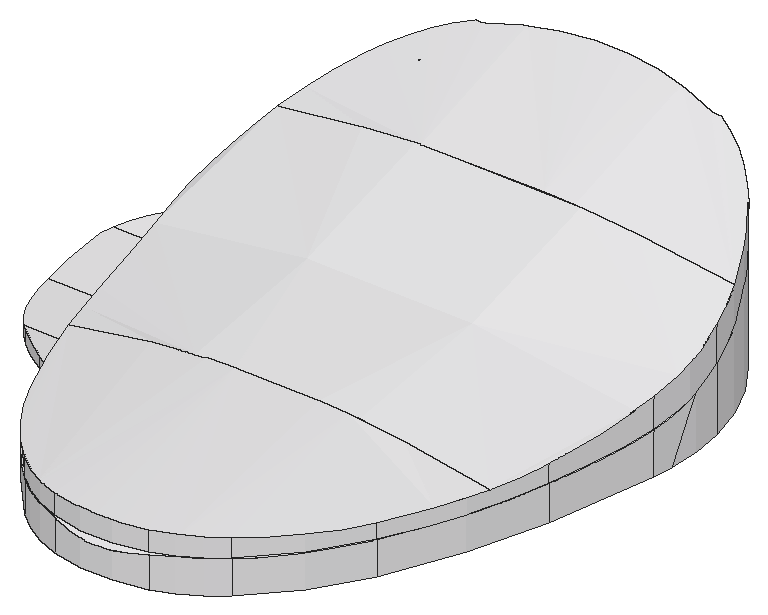
Revit family "Toilet_Seat-Elongated_Closed_Front-KOHLER-C3_230-K-4108", category Specialty Equipment, host Face, Revit 2015
Parameters (values of type "0-White")
  Width = 17 1/8"  # constant formula
  Voltage = 120 V  # constant formula
  URL = "https://www.us.kohler.com/us/"
  Type = 1
  Product Page URL = "http://www.us.kohler.com/us/catalog/productDetails.jsp?productNumber=4108"
  Product Name = "C3-230"  # constant formula
  Product Documentation Link = "http://www.us.kohler.com/onlinecatalog/pdf/K-4108_spec.pdf"
  Model = if(Type = 1, "K-4108-0", if(Type = 2, "K-4108-96", "NA"))  # "K-4108-0"
  Material = "Polypropylene Plastic"  # constant formula
  MasterFormat 2004 = "10.28.13"  # constant formula
  MasterFormat 1995 = "10820"  # constant formula
  Manufacturer Address = "444 Highland Dr, Kohler, WI 53044"  # constant formula
  Manufacturer = "KOHLER Co."  # constant formula
  Length = 20 7/16"  # constant formula
  Height = 6 1/16"  # constant formula
  Finish = Kohler-Plastic-0-White
  Environmental Product Declaration = ""
  Electrical Note = "One dedicated circuit required, protected with Class A Ground-Fault Circuit-Interrupter (GFCI) or Residual Current Device (RCD)"  # constant formula
  Electrical Connector = 1 = 1  # yes
  Description = "Cleansing toilet seat, elongated"  # constant formula
  Default Elevation = 0"
  Declare Label = ""
  Date Modified = "11/22/2018"  # constant formula
  Date Created = "11/22/2018"  # constant formula
  Copyright = "Copyright KOHLER Co."  # constant formula
  Contact Us = "https://www.us.kohler.com/us/static/contact.jsp"
  Cold Water Inlet = "Cold Water Inlet"  # constant formula
  CW Connection = 1 = 1  # yes
  Assembly Code = "C1030200"
  Apparent Load = 1800 VA  # constant formula
  ADA Compliant = 1 = 0  # no
Types (3): name | Type | Model | Finish
  (no name) | 1 | "K-4108-0" | Kohler-Plastic-0-White
  0-White | 1 | "K-4108-0" | Kohler-Plastic-0-White
  96-Biscuit | 2 | "K-4108-96" | Kohler-Plastic-96-Biscuit
Reference planes (in)
  plane 1 "Center (Front/Back)": y = 0
  plane 2: z = 0
  plane 3 "Center (Left/Right)": x = 0
  plane 4: y = -20.4375
  plane 5: x = -9.43222
  plane 6: x = 7.69278
  plane 7: z = 6.0625
Dimensions and locks (in)
  locked: plane 3 "Center (Left/Right)" to plane 6 at 7.69278
  "Width": plane 5 to plane 6
  "Length": plane 4 to plane 1 "Center (Front/Back)"
  "Height": plane 7 to plane 2
  aligned and locked: plane 2 to host face
  aligned and locked: level to host face
Automatic sketch dimensions
  host sketch curve to host sketch curve = 96"  (x2)
Nested families (in)
  nested 1: "K-4108" at (0.00528, 0, 0), type "K-4108"
  nested 2: "Light Source" at (-0.00955, 0.2126, 0.60029) x (0, 1, 0) z (0, 0, 1), type "Light Source"
Connectors (in)
  electrical at (-7.33232, -4.75583, 1.1855), driven by "Electrical Connector", driven by "Electrical Note", driven by "Voltage", driven by "Apparent Load"
    settings: on nested 1, index 1, voltage 120 V, apparent load 1800 VA, apparent load phase1 0 VA, apparent load phase2 0 VA, apparent load phase3 0 VA, power factor 1, load classification "Power", number of poles 1, system type 30, power factor state 1, is connector primary yes, connector utility yes, sub classification motor no, connector description "One dedicated circuit required, protected with Class A Ground-Fault Circuit-Interrupter (GFCI) or Residual Current Device (RCD)"
  piping at (-7.12637, -4.18342, 1.1855), diameter 0.375, driven by "CW Connection", driven by "Cold Water Inlet"
    settings: on nested 1, index 2, connector inside diameter 24", connector length 0", flow factor 0, pipe flow 0 GPM, pressure drop 0.00 psi, fitting loss kfactor 0, connector angle 0.00°, fixture units 0, engagement length 0", angle of deflection 0.00°, flow configuration 0, flow direction 1, fitting loss method 0, system type 20, joint type 0, gender type 0, connector reference index -1, connector utility 1, adjustable connector no, is connector primary yes, connector description "Cold Water Inlet"
Definition of nested family "K-4108"
  Parameters (values of type "K-4108")
    Without side panel = yes
    Side panel = yes
    Finish = none
  Reference planes (in)
    plane 1 "Center (Front/Back)": y = 0
    plane 2: z = 0
    plane 3 "Center (Left/Right)": x = 0
    plane 4: z = 6.0625
    plane 5: x = 7.6875
    plane 6: z = 0.22718
    plane 7: x = -7.6875
    plane 8: z = 1.72718
    plane 9: y = -20.4375
  Forms (in)
    Extrusion 1, solid, material <- "Finish", detail levels medium+fine
      sketch origin (0, 0, 0) x (1, 0, 0) y (0, 1, 0)
        loop
          arc (3.21811, -0.46301) -> (0, -0.01438) -> (-3.21811, -0.46301) r 11.76638
          arc (-3.21811, -0.46301) -> (-4.76648, -1.17358) -> (-6.02837, -2.31811) r 5.58153
          arc (-6.02837, -2.31811) -> (-6.95535, -3.77962) -> (-7.52246, -5.41477) r 7.49639
          arc (-7.52246, -5.41477) -> (-7.69326, -6.71655) -> (-7.63433, -8.02816) r 7.49639
          arc (-7.63433, -8.02816) -> (-7.37625, -9.73974) -> (-7.05989, -11.44151) r 50.69936
          arc (-7.05989, -11.44151) -> (-6.405, -13.86808) -> (-5.4516, -16.19363) r 20.04551
          arc (-5.4516, -16.19363) -> (-4.49347, -17.77758) -> (-3.26114, -19.15898) r 10.05231
          arc (-3.26114, -19.15898) -> (-2.42572, -19.77763) -> (-1.47313, -20.19384) r 4.61995
          arc (-1.47313, -20.19384) -> (0, -20.41586) -> (1.47313, -20.19384) r 4.99813
          arc (1.47313, -20.19384) -> (2.42572, -19.77763) -> (3.26114, -19.15898) r 4.61995
          arc (3.26114, -19.15898) -> (4.49347, -17.77758) -> (5.4516, -16.19363) r 10.05231
          arc (5.4516, -16.19363) -> (6.405, -13.86808) -> (7.05989, -11.44151) r 20.04551
          arc (7.05989, -11.44151) -> (7.37625, -9.73974) -> (7.63433, -8.02816) r 50.69936
          arc (7.63433, -8.02816) -> (7.69326, -6.71655) -> (7.52246, -5.41477) r 7.49639
          arc (7.52246, -5.41477) -> (6.95535, -3.77962) -> (6.02837, -2.31811) r 7.49639
          arc (6.02837, -2.31811) -> (4.76648, -1.17358) -> (3.21811, -0.46301) r 5.58153
      from 0 to 6.36348
    Sweep 2, void
      path origin (0, 0, 0) x (0, 1, 0) y (0, 0, 1)
        loop
          arc (1.8246, 6.40275) -> (-1.37626, 5.34999) -> (-4.52538, 4.15126) r 73.3181
          arc (-4.52538, 4.15126) -> (-8.81367, 2.75925) -> (-13.25858, 2.00433) r 30.9836
          arc (-13.25858, 2.00433) -> (-17.09675, 1.67581) -> (-20.94073, 1.42436) r 192.0335
      profile origin (0, -13.25858, 2.00433) x (0, 0.095268, -0.995452) y (1, 0, 0)
        loop
          arc (0.9375, -8.5) -> (-0.25712, 0.01451) -> (0.9375, 8.52903) r 30.9405
          line (0.9375, 8.52903) -> (-5.5625, 8.52903) -> (-5.5625, -8.5) -> (0.9375, -8.5)
    Extrusion 3, void, detail levels medium+fine
      sketch origin (0, 0, 0) x (0, 1, 0) y (0, 0, 1)
        loop
          line (-20.49173, 1.05407) -> (-20.49173, 0.71365)
          arc (-20.49173, 0.71365) -> (-20.23088, 0.95214) -> (-19.88816, 1.03852) r 0.72311
          line (-19.88816, 1.03852) -> (-18.71042, 1.03852)
          arc (-18.71042, 1.03852) -> (-17.49482, 1.04049) -> (-16.27923, 1.04639) r 375.63314
          arc (-16.27923, 1.04639) -> (-14.89289, 1.05352) -> (-13.50654, 1.05699) r 523.6616
          arc (-13.50654, 1.05699) -> (-11.49299, 1.08519) -> (-9.48082, 1.16501) r 78.51973
          arc (-9.48082, 1.16501) -> (-8.26866, 1.28139) -> (-7.07109, 1.50204) r 14.08347
          arc (-7.07109, 1.50204) -> (-6.77673, 1.57318) -> (-6.48411, 1.65116) r 12.98825
          line (-6.48411, 1.65116) -> (-7.40766, -0.03784) -> (-7.37213, -0.03784) -> (-6.44214, 1.66294)
          arc (-6.44214, 1.66294) -> (-4.72017, 2.28366) -> (-3.10256, 3.14027) r 12.98825
          arc (-3.10256, 3.14027) -> (-2.23069, 3.70777) -> (-1.38156, 4.30878) r 26.72135
          arc (-1.38156, 4.30878) -> (-1.14448, 4.2177) -> (-0.89238, 4.24859) r 0.52488
          arc (-0.89238, 4.24859) -> (-0.34442, 4.35267) -> (0.20535, 4.25858) r 1.56975
          line (0.20535, 4.25858) -> (0.20535, 6.34477) -> (-0.69392, 5.64218)
          arc (-0.69392, 5.64218) -> (-0.6392, 5.2552) -> (-0.57657, 4.86943) r 19.0916
          arc (-0.57657, 4.86943) -> (-0.57225, 4.69665) -> (-0.61791, 4.52995) r 0.59331
          arc (-0.61791, 4.52995) -> (-0.97209, 4.24156) -> (-1.41296, 4.36096) r 0.5004
          arc (-1.41296, 4.36096) -> (-2.82336, 3.35624) -> (-4.3312, 2.50468) r 16.51938
          arc (-4.3312, 2.50468) -> (-6.65609, 1.62593) -> (-9.10945, 1.22798) r 12.41261
          arc (-9.10945, 1.22798) -> (-11.98075, 1.09756) -> (-14.85468, 1.05407) r 94.98598
          line (-14.85468, 1.05407) -> (-20.49173, 1.05407)
      from -7.77013 to 7.75302
    Extrusion 4, solid, material <- "Finish", detail levels medium+fine
      sketch origin (0, 0, 0) x (0, 1, 0) y (0, 0, 1)
        loop
          line (-0.16582, 4.11715) -> (-0.34721, 4.90284)
          arc (-0.34721, 4.90284) -> (-0.48688, 5.20803) -> (-0.73542, 5.43359) r 0.8352
          line (-0.73542, 5.43359) -> (-0.73542, 4.11715) -> (-0.16582, 4.11715)
      from -2.95276 to 3.11696
    Extrusion 5, void
      sketch origin (0, -0.03125, 0) x (1, 0, 0) y (0, 1, 0)
        loop
          line (3.21811, -0.46301) -> (3.21811, 0.03699) -> (-3.09878, 0.03699) -> (-3.09878, -0.42983)
          arc (-3.09878, -0.42983) -> (-1.56294, -0.13194) -> (0, -0.06309) r 10.61202
          arc (0, -0.06309) -> (1.62442, -0.1394) -> (3.21811, -0.46301) r 10.61202
      from 3.90511 to 5.72495
    Extrusion 6, solid, material <- "Finish", detail levels medium+fine
      sketch origin (0, 0, 0) x (0, 1, 0) y (0, 0, 1)
        loop
          line (-0.51973, 5.55823) -> (-0.88809, 5.38646) -> (-0.88809, 4.19155) -> (-0.12784, 4.19155) -> (-0.51973, 5.55823)
      from 3.01179 to 3.13401
    Extrusion 7, solid, material <- "Finish", detail levels medium+fine
      sketch origin (0, 0, 0) x (0, 1, 0) y (0, 0, -1)
        loop
          line (-0.51973, -5.55823) -> (-0.12784, -4.19155) -> (-0.88809, -4.19155) -> (-0.88809, -5.38646) -> (-0.51973, -5.55823)
      from 3.01179 to 3.13401
    Extrusion 8, solid, material <- "Finish"
      sketch origin (0, 0, 0) x (0, 1, 0) y (0, 0, 1)
        loop
          arc (-8.10861, 1.13089) -> (-9.43948, 0.95739) -> (-10.77935, 0.87941) r 18.77516
          arc (-10.77935, 0.87941) -> (-11.8877, 0.86934) -> (-12.99593, 0.88876) r 41.66374
          arc (-12.99593, 0.88876) -> (-13.79881, 0.93633) -> (-14.59771, 1.02931) r 14.18731
          line (-14.59771, 1.02931) -> (-14.59771, 0.7053) -> (-13.86937, 0.58994)
          arc (-13.86937, 0.58994) -> (-12.86766, 0.46162) -> (-11.8601, 0.39294) r 17.01978
          arc (-11.8601, 0.39294) -> (-10.9891, 0.37509) -> (-10.11801, 0.38842) r 24.33662
          arc (-10.11801, 0.38842) -> (-9.35234, 0.41616) -> (-8.58684, 0.44849) r 127.68557
          arc (-8.58684, 0.44849) -> (-7.7288, 0.57474) -> (-6.91345, 0.87035) r 4.30622
          line (-6.91345, 0.87035) -> (-6.4655, 1.67849)
          arc (-6.4655, 1.67849) -> (-7.26561, 1.34035) -> (-8.10861, 1.13089) r 5.56286
      from -9.63232 to -5.35433
    Extrusion 9, void
      sketch origin (0, 0, 0) x (1, 0, 0) y (0, 1, 0)
        loop
          line (-7.54489, -6.48776) -> (-7.54489, -6.15976) -> (-9.79489, -6.15976) -> (-9.79489, -14.78489) -> (-5.84699, -14.78489) -> (-6.91653, -14.03599)
          arc (-6.91653, -14.03599) -> (-7.47514, -13.62185) -> (-8.0105, -13.17806) r 12.83427
          arc (-8.0105, -13.17806) -> (-8.5294, -12.58959) -> (-8.88113, -11.88828) r 3.05193
          arc (-8.88113, -11.88828) -> (-9.27387, -10.39394) -> (-9.42667, -8.85643) r 9.79239
          arc (-9.42667, -8.85643) -> (-9.27516, -8.06851) -> (-8.81547, -7.41089) r 1.92403
          arc (-8.81547, -7.41089) -> (-8.20845, -6.91041) -> (-7.54489, -6.48776) r 6.43387
      from 0.25591 to 1.78504
    Extrusion 10, solid, material <- "Finish", detail levels medium+fine
      sketch origin (0, 0, 0) x (1, 0, 0) y (0, 1, 0)
        loop
          line (-6.84045, -4.6016) -> (-7.24159, -4.4556) -> (-7.43361, -5.05606) -> (-7.05589, -5.19353) -> (-6.84045, -4.6016)
        loop
          line (-7.21738, -4.39238) -> (-6.8099, -4.54069) -> (-6.63845, -4.12277) -> (-7.04593, -3.97446) -> (-7.21738, -4.39238)
      from 0.97751 to 1.39349
    Extrusion 11, solid, material <- "Finish", detail levels medium+fine
      sketch origin (0, 0, 0) x (0, 1, 0) y (0, 0, 1)
        loop
          arc (-1.2979, 4.73942) -> (-3.56552, 3.16493) -> (-6.10642, 2.08558) r 13.47548
          arc (-6.10642, 2.08558) -> (-9.2036, 1.39709) -> (-12.37103, 1.21299) r 19.76718
          arc (-12.37103, 1.21299) -> (-15.43707, 1.26604) -> (-18.50349, 1.28853) r 307.77215
          arc (-18.50349, 1.28853) -> (-19.1969, 1.28938) -> (-19.89031, 1.28867) r 307.77215
          line (-19.89031, 1.28867) -> (-19.89031, 0.91173) -> (-18.56185, 0.91173)
          arc (-18.56185, 0.91173) -> (-14.02488, 0.953) -> (-9.48942, 1.0768) r 249.40123
          arc (-9.48942, 1.0768) -> (-5.13825, 1.95608) -> (-1.2979, 4.1826) r 13.67664
          line (-1.2979, 4.1826) -> (-1.2979, 4.73942)
      from -7.44902 to 7.38839
    Extrusion 12, void
      sketch origin (0, 0, 0) x (1, 0, 0) y (0, 1, 0)
        loop
          arc (5.63988, -2.63286) -> (4.49102, -1.59086) -> (3.08136, -0.94395) r 5.08153
          arc (3.08136, -0.94395) -> (0, -0.51438) -> (-3.08136, -0.94395) r 11.26638
          arc (-3.08136, -0.94395) -> (-4.49102, -1.59086) -> (-5.63988, -2.63286) r 5.08153
          arc (-5.63988, -2.63286) -> (-6.50502, -3.9969) -> (-7.03431, -5.52298) r 6.99639
          arc (-7.03431, -5.52298) -> (-7.19372, -6.73793) -> (-7.13872, -7.96206) r 6.99639
          arc (-7.13872, -7.96206) -> (-6.88318, -9.65676) -> (-6.56995, -11.34175) r 50.19936
          arc (-6.56995, -11.34175) -> (-5.93139, -13.70779) -> (-5.00177, -15.97533) r 19.54551
          arc (-5.00177, -15.97533) -> (-4.93948, -16.10133) -> (-4.87534, -16.22639) r 9.55231
          arc (-4.87534, -16.22639) -> (0, -19.1806) -> (4.87534, -16.22639) r 5.5
          arc (4.87534, -16.22639) -> (4.93948, -16.10133) -> (5.00177, -15.97533) r 9.55231
          arc (5.00177, -15.97533) -> (5.93139, -13.70779) -> (6.56995, -11.34175) r 19.54551
          arc (6.56995, -11.34175) -> (6.88318, -9.65676) -> (7.13872, -7.96206) r 50.19936
          arc (7.13872, -7.96206) -> (7.19372, -6.73793) -> (7.03431, -5.52298) r 6.99639
          arc (7.03431, -5.52298) -> (6.50502, -3.9969) -> (5.63988, -2.63286) r 6.99639
        loop
          line (7.56728, -0.27809) -> (-7.55772, -0.27809) -> (-7.55772, -20.09059) -> (7.56728, -20.09059) -> (7.56728, -0.27809)
      from 0 to 12
    Extrusion 13, solid, material <- "Finish", detail levels coarse
      sketch origin (0, 0, 0) x (1, 0, 0) y (0, 1, 0)
        loop
          arc (-3.21811, -0.46301) -> (-4.76648, -1.17358) -> (-6.02837, -2.31811) r 5.58153
          arc (-6.02837, -2.31811) -> (-6.95535, -3.77962) -> (-7.52246, -5.41477) r 7.49639
          arc (-7.52246, -5.41477) -> (-7.69326, -6.71655) -> (-7.63433, -8.02816) r 7.49639
          arc (-7.63433, -8.02816) -> (-7.37625, -9.73974) -> (-7.05989, -11.44151) r 50.69936
          arc (-7.05989, -11.44151) -> (-6.405, -13.86808) -> (-5.4516, -16.19363) r 20.04551
          arc (-5.4516, -16.19363) -> (-4.49347, -17.77758) -> (-3.26114, -19.15898) r 10.05231
          arc (-3.26114, -19.15898) -> (-2.42572, -19.77763) -> (-1.47313, -20.19384) r 4.61995
          arc (-1.47313, -20.19384) -> (0, -20.41586) -> (1.47313, -20.19384) r 4.99813
          arc (1.47313, -20.19384) -> (2.42572, -19.77763) -> (3.26114, -19.15898) r 4.61995
          arc (3.26114, -19.15898) -> (4.49347, -17.77758) -> (5.4516, -16.19363) r 10.05231
          arc (5.4516, -16.19363) -> (6.405, -13.86808) -> (7.05989, -11.44151) r 20.04551
          arc (7.05989, -11.44151) -> (7.37625, -9.73974) -> (7.63433, -8.02816) r 50.69936
          arc (7.63433, -8.02816) -> (7.69326, -6.71655) -> (7.52246, -5.41477) r 7.49639
          arc (7.52246, -5.41477) -> (6.95535, -3.77962) -> (6.02837, -2.31811) r 7.49639
          arc (6.02837, -2.31811) -> (4.76648, -1.17358) -> (3.21811, -0.46301) r 5.58153
          arc (3.21811, -0.46301) -> (0, -0.01438) -> (-3.21811, -0.46301) r 11.76638
      from 0 to 6.34881
    Extrusion 14, void
      sketch origin (0, 0, -0.03125) x (0, 1, 0) y (0, 0, 1)
        loop
          arc (-7.93442, 3.2589) -> (-5.08319, 4.24938) -> (-2.30259, 5.42364) r 46.27143
          arc (-2.30259, 5.42364) -> (-1.03658, 5.87517) -> (0.28966, 6.09375) r 7.50888
          line (0.28966, 6.09375) -> (0.28966, 6.79546) -> (-20.52284, 6.79546) -> (-20.52284, 1.67852)
          arc (-20.52284, 1.67852) -> (-17.1429, 1.94572) -> (-13.76053, 2.18026) r 351.19212
          arc (-13.76053, 2.18026) -> (-10.81544, 2.54655) -> (-7.93442, 3.2589) r 25.02584
      from -7.86471 to 7.80039
  Cuts and joins
    Sweep 2, Extrusion 3 cuts Extrusion 1
    Extrusion 5 cuts Extrusion 4
    joined: Extrusion 1, Extrusion 4, Extrusion 6, Extrusion 7
    Extrusion 9 cuts Extrusion 8
    Extrusion 12 cuts Extrusion 11
    Extrusion 14 cuts Extrusion 13
  Lines and regions (in)
    Masking region 1
      outline origin (0, 0, 0) x (1, 0, 0) y (0, 1, 0)
        loop
          arc (-6.02837, -2.31811) -> (-6.95535, -3.77962) -> (-7.52246, -5.41477) r 7.49639
          arc (-7.52246, -5.41477) -> (-7.62637, -5.98819) -> (-7.68542, -6.56795) r 7.49639
          arc (-7.68542, -6.56795) -> (-8.2736, -6.95838) -> (-8.81547, -7.41089) r 6.43387
          arc (-8.81547, -7.41089) -> (-9.27516, -8.06851) -> (-9.42667, -8.85643) r 1.92403
          arc (-9.42667, -8.85643) -> (-9.27387, -10.39394) -> (-8.88113, -11.88828) r 9.79239
          arc (-8.88113, -11.88828) -> (-8.5294, -12.58959) -> (-8.0105, -13.17806) r 3.05193
          arc (-8.0105, -13.17806) -> (-7.47514, -13.62185) -> (-6.91653, -14.03599) r 12.83427
          line (-6.91653, -14.03599) -> (-6.15964, -14.56596)
          arc (-6.15964, -14.56596) -> (-5.82648, -15.38697) -> (-5.45736, -16.19245) r 20.04551
          arc (-5.45736, -16.19245) -> (-4.49923, -17.7764) -> (-3.26689, -19.1578) r 10.05231
          arc (-3.26689, -19.1578) -> (-2.43148, -19.77645) -> (-1.47889, -20.19266) r 4.61995
          arc (-1.47889, -20.19266) -> (-0.00576, -20.41468) -> (1.46737, -20.19266) r 4.99813
          arc (1.46737, -20.19266) -> (2.41996, -19.77645) -> (3.25538, -19.1578) r 4.61995
          arc (3.25538, -19.1578) -> (4.48771, -17.7764) -> (5.44584, -16.19245) r 10.05231
          arc (5.44584, -16.19245) -> (6.39924, -13.8669) -> (7.05414, -11.44033) r 20.04551
          arc (7.05414, -11.44033) -> (7.37049, -9.73856) -> (7.62857, -8.02698) r 50.69936
          arc (7.62857, -8.02698) -> (7.6875, -6.71537) -> (7.5167, -5.41359) r 7.49639
          arc (7.5167, -5.41359) -> (6.94959, -3.77844) -> (6.02261, -2.31692) r 7.49639
          arc (6.02261, -2.31692) -> (4.72672, -1.15013) -> (3.13401, -0.44017) r 5.58153
          line (3.13401, -0.44017) -> (3.13401, -0.12784) -> (3.01179, -0.12784) -> (3.01179, -0.40637)
          arc (3.01179, -0.40637) -> (0, -0.01438) -> (-3.01179, -0.40637) r 11.76638
          line (-3.01179, -0.40637) -> (-3.01179, -0.12784) -> (-3.13401, -0.12784) -> (-3.13401, -0.43981)
          arc (-3.13401, -0.43981) -> (-4.72997, -1.14969) -> (-6.02837, -2.31811) r 5.58153
    Masking region 2
      outline origin (0, 0, 0) x (0, 1, 0) y (0, 0, 1)
        loop
          arc (0, 6.01602) -> (-0.01542, 6.05071) -> (-0.05151, 6.0625) r 0.04673
          arc (-0.05151, 6.0625) -> (-1.06484, 5.87225) -> (-2.03273, 5.51697) r 6.21041
          arc (-2.03273, 5.51697) -> (-4.57743, 4.42373) -> (-7.18144, 3.48046) r 47.55849
          arc (-7.18144, 3.48046) -> (-9.08639, 2.9392) -> (-11.02971, 2.55801) r 23.82542
          arc (-11.02971, 2.55801) -> (-12.76524, 2.32142) -> (-14.50767, 2.14268) r 52.65261
          arc (-14.50767, 2.14268) -> (-16.58148, 1.97311) -> (-18.65657, 1.82014) r 260.00975
          arc (-18.65657, 1.82014) -> (-19.48451, 1.76919) -> (-20.31317, 1.73169) r 51.08368
          arc (-20.31317, 1.73169) -> (-20.40162, 1.69213) -> (-20.43787, 1.60227) r 0.1295
          line (-20.43787, 1.60227) -> (-20.43787, 1.05407) -> (-19.86823, 1.05407)
          arc (-19.86823, 1.05407) -> (-20.17942, 0.97714) -> (-20.4375, 0.78701) r 0.82173
          line (-20.4375, 0.78701) -> (-20.4375, 0) -> (0, 0) -> (0, 4.31763)
          arc (0, 4.31763) -> (-0.08598, 4.33057) -> (-0.17177, 4.34473) r 6.09857
          line (-0.17177, 4.34473) -> (-0.47231, 5.39284) -> (-0.6456, 5.31203)
          arc (-0.6456, 5.31203) -> (-0.65668, 5.39369) -> (-0.6674, 5.4754) r 19.0916
          line (-0.6674, 5.4754) -> (0, 5.78661) -> (0, 6.01602)
    Masking region 3
      outline origin (0, 0, 0) x (1, 0, 0) y (0, 0, 1)
        loop
          line (-7.6875, 2.67163) -> (-7.6875, 1.62631)
          spline (-7.6875, 1.62631) -> (-7.78807, 1.59745) -> (-7.88755, 1.56878) -> (-7.9859, 1.54029) -> (-8.08311, 1.51201) -> (-8.17912, 1.48395) -> (-8.27392, 1.4561) -> (-8.36747, 1.42848) -> (-8.45974, 1.4011) -> (-8.55071, 1.37396) -> (-8.64034, 1.34709) -> (-8.7286, 1.32047) -> (-8.81547, 1.29413)
          spline (-8.81547, 1.29413) -> (-8.86637, 1.27952) -> (-8.91544, 1.26503) -> (-8.96259, 1.25067) -> (-9.00777, 1.23648) -> (-9.05092, 1.22247) -> (-9.09197, 1.20865) -> (-9.13089, 1.19505) -> (-9.1676, 1.18168) -> (-9.20208, 1.16856) -> (-9.23426, 1.15571) -> (-9.26411, 1.14315) -> (-9.29158, 1.13089)
          spline (-9.29158, 1.13089) -> (-9.31408, 1.12105) -> (-9.33459, 1.1113) -> (-9.35309, 1.10167) -> (-9.36956, 1.09215) -> (-9.38399, 1.08276) -> (-9.39635, 1.07351) -> (-9.40664, 1.06441) -> (-9.41485, 1.05547) -> (-9.42096, 1.0467) -> (-9.42497, 1.03811) -> (-9.42687, 1.0297) -> (-9.42667, 1.02149)
          line (-9.42667, 1.02149) -> (-9.42667, 0.43658)
          spline (-9.42667, 0.43658) -> (-9.42398, 0.43208) -> (-9.42015, 0.42766) -> (-9.41519, 0.42334) -> (-9.40909, 0.4191) -> (-9.40185, 0.41495) -> (-9.39348, 0.41089) -> (-9.38397, 0.40691) -> (-9.37333, 0.40303) -> (-9.36156, 0.39924) -> (-9.34865, 0.39555) -> (-9.33462, 0.39194) -> (-9.31946, 0.38842)
          arc (-9.31946, 0.38842) -> (-9.22031, 0.37831) -> (-9.1207, 0.37494) r 1.47116
          line (-9.1207, 0.37494) -> (-7.6875, 0.37494) -> (-7.6875, 0) -> (7.6875, 0) -> (7.6875, 2.67163)
          arc (7.6875, 2.67163) -> (7.47388, 3.16088) -> (7.18431, 3.60937) r 3.30665
          spline (7.18431, 3.60937) -> (7.1127, 3.69953) -> (7.03644, 3.78929) -> (6.95556, 3.87859) -> (6.87012, 3.96738) -> (6.78016, 4.05562) -> (6.68573, 4.14325) -> (6.58688, 4.23023) -> (6.48368, 4.31651) -> (6.37617, 4.40204) -> (6.26442, 4.48678) -> (6.14849, 4.57066) -> (6.02844, 4.65366)
          spline (6.02844, 4.65366) -> (5.88452, 4.74763) -> (5.73368, 4.83966) -> (5.57529, 4.92937) -> (5.40961, 5.01661) -> (5.23691, 5.10125) -> (5.05748, 5.18314) -> (4.87162, 5.26215) -> (4.67963, 5.33814) -> (4.48182, 5.41099) -> (4.27853, 5.48059) -> (4.07009, 5.54681) -> (3.85685, 5.60954)
          arc (3.85685, 5.60954) -> (0.00061, 6.06275) -> (-3.85522, 5.60614) r 16.57036
          spline (-3.85522, 5.60614) -> (-4.06862, 5.54292) -> (-4.27721, 5.47625) -> (-4.48065, 5.40626) -> (-4.6786, 5.33305) -> (-4.87073, 5.25676) -> (-5.05674, 5.17749) -> (-5.2363, 5.0954) -> (-5.40913, 5.0106) -> (-5.57494, 4.92325) -> (-5.73345, 4.83348) -> (-5.88441, 4.74144) -> (-6.02756, 4.64729)
          spline (-6.02756, 4.64729) -> (-6.14837, 4.56474) -> (-6.26418, 4.48103) -> (-6.37583, 4.39644) -> (-6.48323, 4.31102) -> (-6.58635, 4.2248) -> (-6.6851, 4.13783) -> (-6.77945, 4.05017) -> (-6.86934, 3.96187) -> (-6.95472, 3.87297) -> (-7.03554, 3.78352) -> (-7.11175, 3.69357) -> (-7.18332, 3.60317)
          arc (-7.18332, 3.60317) -> (-7.47191, 3.15716) -> (-7.6875, 2.67163) r 3.39995
    symbolic lines, detail levels medium+fine
      curve 1: arc (-7.05989, -11.44151, 0) -> (-6.66984, -13.02474, 0) -> (-6.1524, -14.57103, 0) r 20.04551
      curve 2: arc (-7.63433, -8.02816, 0) -> (-7.37625, -9.73974, 0) -> (-7.05989, -11.44151, 0) r 50.69936
      curve 3: arc (-7.68542, -6.56795, 0) -> (-7.69554, -7.2993, 0) -> (-7.63433, -8.02816, 0) r 7.49639
      curve 4: line (-3.13401, -0.43981, 0) -> (-3.01403, -0.40771, 0)
      curve 5: line (3.01179, -0.40637, 0) -> (3.13401, -0.43981, 0)
      curve 6: spline (0, -5.35163, 3.113) -> (0, -5.1679, 3.19333) -> (0, -4.98592, 3.27511) -> (0, -4.80578, 3.35831) -> (0, -4.62759, 3.44288) -> (0, -4.45144, 3.52876) -> (0, -4.27742, 3.61592) -> (0, -4.10563, 3.70431) -> (0, -3.93617, 3.79387) -> (0, -3.76913, 3.88456) -> (0, -3.6046, 3.97633) -> (0, -3.44267, 4.06913) -> (0, -3.28343, 4.16291)
      curve 7: spline (0, -7.99906, 2.24154) -> (0, -7.7732, 2.29687) -> (0, -7.54755, 2.35557) -> (0, -7.32234, 2.41756) -> (0, -7.09779, 2.4828) -> (0, -6.87412, 2.55121) -> (0, -6.65155, 2.62274) -> (0, -6.43032, 2.6973) -> (0, -6.21062, 2.77483) -> (0, -5.99269, 2.85524) -> (0, -5.77674, 2.93847) -> (0, -5.56298, 3.02442) -> (0, -5.35163, 3.113)
      curve 8: spline (0, -11.39269, 1.66855) -> (0, -11.10907, 1.70006) -> (0, -10.82548, 1.73455) -> (0, -10.54193, 1.77199) -> (0, -10.25849, 1.8124) -> (0, -9.97518, 1.85577) -> (0, -9.69204, 1.90208) -> (0, -9.40912, 1.95134) -> (0, -9.12645, 2.00354) -> (0, -8.84407, 2.05866) -> (0, -8.56202, 2.11671) -> (0, -8.28034, 2.17767) -> (0, -7.99906, 2.24154)
      curve 9: spline (0, -13.2473, 1.54431) -> (0, -13.09424, 1.54901) -> (0, -12.94086, 1.55474) -> (0, -12.78717, 1.5615) -> (0, -12.63318, 1.56929) -> (0, -12.47892, 1.57811) -> (0, -12.3244, 1.58796) -> (0, -12.16963, 1.59883) -> (0, -12.01463, 1.61073) -> (0, -11.85943, 1.62365) -> (0, -11.70402, 1.6376) -> (0, -11.54844, 1.65256) -> (0, -11.39269, 1.66855)
      curve 10: spline (0, -16.19397, 1.51586) -> (0, -15.95574, 1.51406) -> (0, -15.71604, 1.51302) -> (0, -15.4749, 1.51273) -> (0, -15.23236, 1.51321) -> (0, -14.98848, 1.51445) -> (0, -14.74329, 1.51644) -> (0, -14.49685, 1.5192) -> (0, -14.24919, 1.52271) -> (0, -14.00036, 1.52698) -> (0, -13.7504, 1.53201) -> (0, -13.49937, 1.53779) -> (0, -13.2473, 1.54433)
      curve 11: spline (0, -18.46552, 1.58231) -> (0, -18.29294, 1.57533) -> (0, -18.117, 1.56859) -> (0, -17.9378, 1.56212) -> (0, -17.75543, 1.5559) -> (0, -17.56998, 1.54995) -> (0, -17.38155, 1.54426) -> (0, -17.19024, 1.53884) -> (0, -16.99615, 1.53369) -> (0, -16.79937, 1.52881) -> (0, -16.60001, 1.52421) -> (0, -16.39818, 1.5199) -> (0, -16.19397, 1.51586)
      curve 12: line (0, -14.85468, 1.05407) -> (0, -19.86823, 1.05407)
      curve 13: arc (0, -20.4375, 1.60221) -> (0, -19.45136, 1.60779) -> (0, -18.46552, 1.58231) r 31.31426
      curve 14: arc (0, -9.37982, 1.17067) -> (0, -12.11663, 1.08322) -> (0, -14.85468, 1.05407) r 128.58609
      curve 15: arc (0, -5.94596, 1.83858) -> (0, -7.63787, 1.37603) -> (0, -9.37982, 1.17067) r 11.74198
      curve 16: arc (0, -1.86888, 4.01146) -> (0, -3.82686, 2.77386) -> (0, -5.94596, 1.83858) r 15.66176
      curve 17: arc (0, -1.41296, 4.36096) -> (0, -1.63949, 4.18435) -> (0, -1.86888, 4.01146) r 17.58639
      curve 18: arc (0, -0.61791, 4.52995) -> (0, -0.97209, 4.24156) -> (0, -1.41296, 4.36096) r 0.5004
      curve 19: arc (0, -0.57657, 4.86943) -> (0, -0.57225, 4.69665) -> (0, -0.61791, 4.52995) r 0.59331
      curve 20: arc (0, -0.67112, 5.47386) -> (0, -0.62627, 5.17127) -> (0, -0.57657, 4.86943) r 19.0916
      curve 21: arc (0, -0.89238, 4.24859) -> (0, -0.53771, 4.33895) -> (0, -0.17177, 4.34473) r 1.56975
      curve 22: arc (0, -1.41296, 4.36096) -> (0, -1.1694, 4.22726) -> (0, -0.89238, 4.24859) r 0.48672
      curve 23: line (0, -6.47061, 1.67584) -> (0, -7.38696, 0)
      curve 24: line (0, -7.35144, 0) -> (0, -6.44214, 1.66294)
      curve 25: arc (0, -8.58684, 0.44849) -> (0, -7.7288, 0.57474) -> (0, -6.91345, 0.87035) r 4.30622
      curve 26: arc (0, -10.11801, 0.38842) -> (0, -9.35234, 0.41616) -> (0, -8.58684, 0.44849) r 127.68557
      curve 27: arc (0, -11.8601, 0.39294) -> (0, -10.9891, 0.37509) -> (0, -10.11801, 0.38842) r 24.33662
      curve 28: arc (0, -13.86937, 0.58994) -> (0, -12.86766, 0.46162) -> (0, -11.8601, 0.39294) r 17.01978
      curve 29: line (0, -14.59771, 0.7053) -> (0, -13.86937, 0.58994)
      curve 30: line (0, -14.59771, 1.02931) -> (0, -14.59771, 0.7053)
      curve 31: arc (0, -12.99593, 0.88876) -> (0, -13.79881, 0.93633) -> (0, -14.59771, 1.02931) r 14.18731
      curve 32: arc (0, -10.77935, 0.87941) -> (0, -11.8877, 0.86934) -> (0, -12.99593, 0.88876) r 41.66374
      curve 33: arc (0, -8.10861, 1.13089) -> (0, -9.43948, 0.95739) -> (0, -10.77935, 0.87941) r 18.77516
      curve 34: arc (0, -6.47061, 1.67584) -> (0, -7.26834, 1.33944) -> (0, -8.10861, 1.13089) r 5.56286
      curve 35: line (0, -1.41296, 4.36096) -> (0, -1.41296, 0)
      curve 36: spline (-9.42667, 0, 1.02149) -> (-9.42213, 0, 1.00195) -> (-9.41491, 0, 0.98378) -> (-9.40502, 0, 0.96701) -> (-9.39245, 0, 0.95163) -> (-9.37722, 0, 0.93766) -> (-9.35933, 0, 0.92509) -> (-9.33878, 0, 0.91393) -> (-9.31559, 0, 0.90419) -> (-9.28975, 0, 0.89586) -> (-9.26129, 0, 0.88895) -> (-9.2302, 0, 0.88347) -> (-9.1965, 0, 0.87941)
      curve 37: spline (-9.1965, 0, 0.87941) -> (-9.17643, 0, 0.87752) -> (-9.15553, 0, 0.87581) -> (-9.13382, 0, 0.8743) -> (-9.11128, 0, 0.87297) -> (-9.08794, 0, 0.87183) -> (-9.06378, 0, 0.87087) -> (-9.0388, 0, 0.87011) -> (-9.01302, 0, 0.86953) -> (-8.98644, 0, 0.86914) -> (-8.95904, 0, 0.86895) -> (-8.93085, 0, 0.86893) -> (-8.90186, 0, 0.86911)
      curve 38: spline (-8.90186, 0, 0.86912) -> (-8.85009, 0, 0.86977) -> (-8.79096, 0, 0.87083) -> (-8.72463, 0, 0.87229) -> (-8.65127, 0, 0.87416) -> (-8.57106, 0, 0.87642) -> (-8.48421, 0, 0.87907) -> (-8.39096, 0, 0.88211) -> (-8.29153, 0, 0.88553) -> (-8.18619, 0, 0.88931) -> (-8.07522, 0, 0.89345) -> (-7.95888, 0, 0.89794) -> (-7.8375, 0, 0.90277)
      curve 39: spline (-7.8375, 0, 0.90277) -> (-7.76319, 0, 0.90622) -> (-7.68841, 0, 0.9099) -> (-7.61319, 0, 0.9138) -> (-7.53751, 0, 0.91793) -> (-7.4614, 0, 0.92229) -> (-7.38484, 0, 0.92688) -> (-7.30785, 0, 0.93169) -> (-7.23042, 0, 0.93673) -> (-7.15257, 0, 0.942) -> (-7.07431, 0, 0.94749) -> (-6.99562, 0, 0.95321) -> (-6.91653, 0, 0.95915)
      curve 40: spline (-6.91653, 0, 0.95915) -> (-6.84963, 0, 0.96413) -> (-6.78273, 0, 0.96927) -> (-6.71585, 0, 0.97457) -> (-6.64898, 0, 0.98002) -> (-6.58211, 0, 0.98563) -> (-6.51525, 0, 0.9914) -> (-6.4484, 0, 0.99733) -> (-6.38157, 0, 1.00341) -> (-6.31474, 0, 1.00965) -> (-6.24792, 0, 1.01605) -> (-6.18111, 0, 1.0226) -> (-6.11431, 0, 1.02931)
      curve 41: spline (-7.41928, 0, 1.16505) -> (-7.44444, 0, 1.17411) -> (-7.46909, 0, 1.1849) -> (-7.49325, 0, 1.19744) -> (-7.5169, 0, 1.21172) -> (-7.54004, 0, 1.22774) -> (-7.56266, 0, 1.24549) -> (-7.58477, 0, 1.26497) -> (-7.60637, 0, 1.28619) -> (-7.62744, 0, 1.30913) -> (-7.64799, 0, 1.3338) -> (-7.66801, 0, 1.36019) -> (-7.6875, 0, 1.3883)
      curve 42: spline (-7.06728, 0, 1.08759) -> (-7.09946, 0, 1.09222) -> (-7.13113, 0, 1.09718) -> (-7.16228, 0, 1.10248) -> (-7.19291, 0, 1.1081) -> (-7.22302, 0, 1.11406) -> (-7.25262, 0, 1.12035) -> (-7.28169, 0, 1.12697) -> (-7.31025, 0, 1.13393) -> (-7.33829, 0, 1.14121) -> (-7.3658, 0, 1.14883) -> (-7.3928, 0, 1.15677) -> (-7.41928, 0, 1.16505)
      curve 43: spline (-6.52873, 0, 1.05701) -> (-6.58214, 0, 1.05741) -> (-6.63402, 0, 1.05821) -> (-6.68435, 0, 1.05939) -> (-6.73314, 0, 1.06097) -> (-6.78037, 0, 1.06293) -> (-6.82605, 0, 1.06528) -> (-6.87018, 0, 1.06803) -> (-6.91274, 0, 1.07116) -> (-6.95373, 0, 1.07469) -> (-6.99315, 0, 1.0786) -> (-7.03101, 0, 1.0829) -> (-7.06728, 0, 1.08759)
      curve 44: spline (-5.47476, 0, 1.04724) -> (-5.57695, 0, 1.04854) -> (-5.67657, 0, 1.04976) -> (-5.77361, 0, 1.05089) -> (-5.86806, 0, 1.05193) -> (-5.9599, 0, 1.05288) -> (-6.04912, 0, 1.05374) -> (-6.1357, 0, 1.05451) -> (-6.21964, 0, 1.05519) -> (-6.30093, 0, 1.05578) -> (-6.37955, 0, 1.05628) -> (-6.45548, 0, 1.05669) -> (-6.52873, 0, 1.05701)
      curve 45: spline (0, 0, 1.05777) -> (-0.58615, 0, 1.05286) -> (-1.1556, 0, 1.04864) -> (-1.70608, 0, 1.04515) -> (-2.23537, 0, 1.04238) -> (-2.74137, 0, 1.04036) -> (-3.22205, 0, 1.03908) -> (-3.67549, 0, 1.03856) -> (-4.09987, 0, 1.0388) -> (-4.49349, 0, 1.03979) -> (-4.85479, 0, 1.04153) -> (-5.18232, 0, 1.04402) -> (-5.47476, 0, 1.04724)
      curve 46: spline (-7.06114, 0, 1.66407) -> (-7.11824, 0, 1.69526) -> (-7.17367, 0, 1.72944) -> (-7.22741, 0, 1.76662) -> (-7.27946, 0, 1.80678) -> (-7.32983, 0, 1.84992) -> (-7.37848, 0, 1.89604) -> (-7.42543, 0, 1.94512) -> (-7.47067, 0, 1.99716) -> (-7.51418, 0, 2.05216) -> (-7.55596, 0, 2.1101) -> (-7.59602, 0, 2.17099) -> (-7.63433, 0, 2.2348)
      curve 47: spline (-6.61376, 0, 1.54523) -> (-6.65732, 0, 1.54993) -> (-6.69975, 0, 1.55558) -> (-6.74105, 0, 1.56217) -> (-6.78121, 0, 1.56972) -> (-6.82023, 0, 1.57821) -> (-6.85811, 0, 1.58765) -> (-6.89484, 0, 1.59803) -> (-6.93042, 0, 1.60935) -> (-6.96484, 0, 1.62162) -> (-6.9981, 0, 1.63483) -> (-7.03021, 0, 1.64898) -> (-7.06114, 0, 1.66407)
      curve 48: spline (-5.45155, 0, 1.51586) -> (-5.56642, 0, 1.51404) -> (-5.67809, 0, 1.513) -> (-5.78651, 0, 1.51274) -> (-5.89169, 0, 1.51325) -> (-5.99359, 0, 1.51454) -> (-6.0922, 0, 1.5166) -> (-6.1875, 0, 1.51944) -> (-6.27948, 0, 1.52305) -> (-6.3681, 0, 1.52744) -> (-6.45337, 0, 1.53259) -> (-6.53526, 0, 1.53852) -> (-6.61376, 0, 1.54523)
      curve 49: spline (-3.26098, 0, 1.6147) -> (-3.48376, 0, 1.6039) -> (-3.69985, 0, 1.59354) -> (-3.90905, 0, 1.58363) -> (-4.11117, 0, 1.57417) -> (-4.30602, 0, 1.56518) -> (-4.4934, 0, 1.55665) -> (-4.67314, 0, 1.54861) -> (-4.84507, 0, 1.54106) -> (-5.00903, 0, 1.534) -> (-5.16486, 0, 1.52744) -> (-5.31241, 0, 1.52139) -> (-5.45155, 0, 1.51586)
      curve 50: spline (-1.4731, 0, 1.68888) -> (-1.63803, 0, 1.68353) -> (-1.80079, 0, 1.67801) -> (-1.96116, 0, 1.67231) -> (-2.11891, 0, 1.66645) -> (-2.27383, 0, 1.66043) -> (-2.42569, 0, 1.65427) -> (-2.57427, 0, 1.64796) -> (-2.71938, 0, 1.64153) -> (-2.8608, 0, 1.63498) -> (-2.99834, 0, 1.62832) -> (-3.13179, 0, 1.62156) -> (-3.26098, 0, 1.6147)
      curve 51: arc (-7.63433, 0, 2.2348) -> (-7.67738, 0, 2.45121) -> (-7.6875, 0, 2.67163) r 1.46753
      curve 52: spline (-7.05204, 0, 0.6013) -> (-7.13872, 0, 0.59116) -> (-7.22489, 0, 0.58118) -> (-7.31054, 0, 0.57136) -> (-7.39565, 0, 0.56169) -> (-7.48023, 0, 0.55219) -> (-7.56426, 0, 0.54284) -> (-7.64775, 0, 0.53366) -> (-7.73068, 0, 0.52464) -> (-7.81305, 0, 0.51578) -> (-7.89485, 0, 0.50708) -> (-7.97607, 0, 0.49855) -> (-8.05672, 0, 0.49018)
      curve 53: line (-6.11431, 0, 0.7053) -> (-7.05204, 0, 0.6013)
      curve 54: line (-6.11431, 0, 1.02931) -> (-6.11431, 0, 0.7053)
      curve 55: spline (-8.05672, 0, 0.49018) -> (-8.174, 0, 0.47795) -> (-8.2851, 0, 0.4661) -> (-8.38971, 0, 0.45466) -> (-8.48753, 0, 0.44365) -> (-8.57827, 0, 0.43312) -> (-8.66168, 0, 0.42309) -> (-8.73753, 0, 0.41359) -> (-8.80559, 0, 0.40465) -> (-8.86567, 0, 0.39629) -> (-8.91761, 0, 0.38854) -> (-8.96124, 0, 0.38141) -> (-8.99646, 0, 0.37494)
      curve 56: spline (7.41928, 0, 1.16505) -> (7.44444, 0, 1.17411) -> (7.46909, 0, 1.1849) -> (7.49325, 0, 1.19744) -> (7.5169, 0, 1.21172) -> (7.54004, 0, 1.22774) -> (7.56266, 0, 1.24549) -> (7.58477, 0, 1.26497) -> (7.60637, 0, 1.28619) -> (7.62744, 0, 1.30913) -> (7.64799, 0, 1.3338) -> (7.66801, 0, 1.36019) -> (7.6875, 0, 1.3883)
      curve 57: spline (7.06728, 0, 1.08759) -> (7.09946, 0, 1.09222) -> (7.13113, 0, 1.09718) -> (7.16228, 0, 1.10248) -> (7.19291, 0, 1.1081) -> (7.22302, 0, 1.11406) -> (7.25262, 0, 1.12035) -> (7.28169, 0, 1.12697) -> (7.31025, 0, 1.13393) -> (7.33829, 0, 1.14121) -> (7.3658, 0, 1.14883) -> (7.3928, 0, 1.15677) -> (7.41928, 0, 1.16505)
      curve 58: spline (6.52873, 0, 1.05701) -> (6.58214, 0, 1.05741) -> (6.63402, 0, 1.05821) -> (6.68435, 0, 1.05939) -> (6.73314, 0, 1.06097) -> (6.78037, 0, 1.06293) -> (6.82605, 0, 1.06528) -> (6.87018, 0, 1.06803) -> (6.91274, 0, 1.07116) -> (6.95373, 0, 1.07469) -> (6.99315, 0, 1.0786) -> (7.03101, 0, 1.0829) -> (7.06728, 0, 1.08759)
      curve 59: spline (5.47476, 0, 1.04724) -> (5.57695, 0, 1.04854) -> (5.67657, 0, 1.04976) -> (5.77361, 0, 1.05089) -> (5.86806, 0, 1.05193) -> (5.9599, 0, 1.05288) -> (6.04912, 0, 1.05374) -> (6.1357, 0, 1.05451) -> (6.21964, 0, 1.05519) -> (6.30093, 0, 1.05578) -> (6.37955, 0, 1.05628) -> (6.45548, 0, 1.05669) -> (6.52873, 0, 1.05701)
      curve 60: spline (0, 0, 1.05777) -> (0.58615, 0, 1.05286) -> (1.1556, 0, 1.04864) -> (1.70608, 0, 1.04515) -> (2.23537, 0, 1.04238) -> (2.74137, 0, 1.04036) -> (3.22205, 0, 1.03908) -> (3.67549, 0, 1.03856) -> (4.09987, 0, 1.0388) -> (4.49349, 0, 1.03979) -> (4.85479, 0, 1.04153) -> (5.18232, 0, 1.04402) -> (5.47476, 0, 1.04724)
      curve 61: spline (7.06114, 0, 1.66407) -> (7.11824, 0, 1.69526) -> (7.17367, 0, 1.72944) -> (7.22741, 0, 1.76662) -> (7.27946, 0, 1.80678) -> (7.32983, 0, 1.84992) -> (7.37848, 0, 1.89604) -> (7.42543, 0, 1.94512) -> (7.47067, 0, 1.99716) -> (7.51418, 0, 2.05216) -> (7.55596, 0, 2.1101) -> (7.59602, 0, 2.17099) -> (7.63433, 0, 2.2348)
      curve 62: spline (6.61376, 0, 1.54523) -> (6.65732, 0, 1.54993) -> (6.69975, 0, 1.55558) -> (6.74105, 0, 1.56217) -> (6.78121, 0, 1.56972) -> (6.82023, 0, 1.57821) -> (6.85811, 0, 1.58765) -> (6.89484, 0, 1.59803) -> (6.93042, 0, 1.60935) -> (6.96484, 0, 1.62162) -> (6.9981, 0, 1.63483) -> (7.03021, 0, 1.64898) -> (7.06114, 0, 1.66407)
      curve 63: spline (5.45155, 0, 1.51586) -> (5.56642, 0, 1.51404) -> (5.67809, 0, 1.513) -> (5.78651, 0, 1.51274) -> (5.89169, 0, 1.51325) -> (5.99359, 0, 1.51454) -> (6.0922, 0, 1.5166) -> (6.1875, 0, 1.51944) -> (6.27948, 0, 1.52305) -> (6.3681, 0, 1.52744) -> (6.45337, 0, 1.53259) -> (6.53526, 0, 1.53852) -> (6.61376, 0, 1.54523)
      curve 64: spline (3.26098, 0, 1.6147) -> (3.48376, 0, 1.6039) -> (3.69985, 0, 1.59354) -> (3.90905, 0, 1.58363) -> (4.11117, 0, 1.57417) -> (4.30602, 0, 1.56518) -> (4.4934, 0, 1.55665) -> (4.67314, 0, 1.54861) -> (4.84507, 0, 1.54106) -> (5.00903, 0, 1.534) -> (5.16486, 0, 1.52744) -> (5.31241, 0, 1.52139) -> (5.45155, 0, 1.51586)
      curve 65: spline (1.54295, 0, 1.68665) -> (1.70125, 0, 1.68142) -> (1.85747, 0, 1.67602) -> (2.01138, 0, 1.67047) -> (2.16279, 0, 1.66477) -> (2.3115, 0, 1.65893) -> (2.45732, 0, 1.65295) -> (2.60005, 0, 1.64684) -> (2.7395, 0, 1.64062) -> (2.8755, 0, 1.63428) -> (3.00786, 0, 1.62785) -> (3.13641, 0, 1.62132) -> (3.26098, 0, 1.6147)
      curve 66: arc (7.63433, 0, 2.2348) -> (7.67738, 0, 2.45121) -> (7.6875, 0, 2.67163) r 1.46753
      curve 67: arc (-1.4731, 0, 1.68888) -> (0.03495, 0, 1.72718) -> (1.54295, 0, 1.68665) r 28.86874
      curve 68: line (-7.6875, 0, 1.62631) -> (-7.6875, 0, 1.3883)
      curve 69: arc (0, -3.28343, 4.16291) -> (0, -2.00125, 4.86616) -> (0, -0.67112, 5.47386) r 20.00638
  Dimensions and locks (in)
    plane 5 to plane 3 "Center (Left/Right)" = 7 11/16"
    plane 8 to plane 6 = 1 1/2"
    plane 1 "Center (Front/Back)" to plane 9 = 20 7/16"
    plane 4 to plane 2 = 6 1/16"
    aligned and locked: plane 2 to level
Definition of nested family "Light Source"
  Parameters (values of type "Light Source")
    Wattage = 30 W
    built-in parameter 1150110 = 1 (stored number, unit not read)
    built-in parameter 1114217 = 1 (stored number, unit not read)
    built-in parameter 1150109 = 1 (stored number, unit not read)
    built-in parameter 1150134 = 1
    built-in parameter 1150113 = 1 (stored number, unit not read)
    built-in parameter 1150105 = 23.873 (stored number, unit not read)
    Lumens = 300 lm
    built-in parameter 1150115 = 1 (stored number, unit not read)
    Light Source Symbol Size = 12"
    built-in parameter 1150137 = (empty or 0)
    built-in parameter 1150139 = (empty or 0)
    built-in parameter 1150112 = 1 (stored number, unit not read)
    built-in parameter 1150114 = 1 (stored number, unit not read)
    built-in parameter 1150132 = (empty or 0)
    built-in parameter 1150102 = (empty or 0)
    built-in parameter 1150107 = 6500 (stored number, unit not read)
    built-in parameter 1150138 = (empty or 0)
    built-in parameter 1150106 = 0.23873 (stored number, unit not read)
    Emit from Line Length = 12"
    built-in parameter 1150104 = 0.92903 (stored number, unit not read)
    Dimming Lamp Color Temperature Shift = (empty or 0)
    Default Elevation = 48"
    Color Filter = 15234564
    built-in parameter 1114218 = 1 (stored number, unit not read)
    built-in parameter 1150133 = 10 (stored number, unit not read)
  Reference planes (in)
    plane 1 "Center (Front/Back)": y = 0
    plane 2: z = 0
    plane 3 "Center (Left/Right)": x = 0
  Dimensions and locks (in)
    aligned and locked: plane 2 to level
